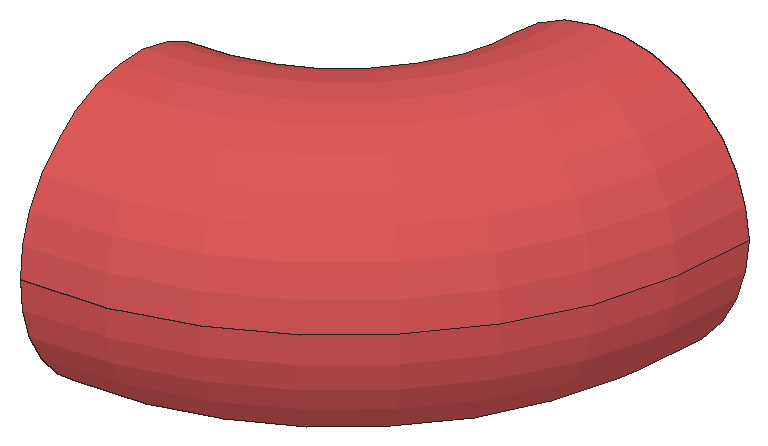
Revit family "Pam_Curvas", category Pipe Fittings, Revit 2025
Family settings
  Round Connector Dimension = Use Diameter
  Part Type = Elbow
  Work Plane-Based = No
  Always vertical = Yes
  Cut with Voids When Loaded = No
  Shared = Yes
Parameters
  Nominal Radius [instance] = Nominal Diameter / 2  # 100.0 mm
  Nominal Diameter [instance] = 200.0 mm
  Material_Conexao [instance] = FoFo_PAM
  Manufacturer = "SGC"
  Loss Method = Not Defined
  Tabela [instance] = "Pam_Curvas"
  Description = "Curvas sistema PAM"
  Default Elevation = 0.0 mm
  Corpo_R [instance] = if(Corpo_A = 90.00°, Corpo_L, Corpo_L / tan(A2))  # 220.0 mm
  Corpo_L [instance] = size_lookup(Tabela, "Corpo_L", 120.0 mm, Nominal Diameter, Angle)  # 220.0 mm
  EK7 [instance] = size_lookup(Tabela, "EK7", 5.2 mm, Nominal Diameter)  # 5.4 mm
  Corpo_DE1 [instance] = Bolsa_DE1 + EK7  # 116.4 mm
  Corpo_A [instance] = size_lookup(Tabela, "Corpo_A", 90.00°, Nominal Diameter, Angle)  # 90.00°
  Bolsa_P1 [instance] = size_lookup(Tabela, "Bolsa_P", 94.5 mm, Nominal Diameter)  # 106.5 mm
  Bolsa_DI1 [instance] = size_lookup(Tabela, "Bolsa_DI", 121.0 mm, Nominal Diameter) / 2  # 112.5 mm
  Bolsa_DE1 [instance] = size_lookup(Tabela, "Bolsa_DE", 118.0 mm, Nominal Diameter) / 2  # 111.0 mm
  Bolsa_B1 [instance] = size_lookup(Tabela, "Bolsa_B", 168.0 mm, Nominal Diameter) / 2  # 148.0 mm
  Angle [instance] = 90.00°
  A2 [instance] = Angle / 2  # 45.00°
Reference planes
  plane 1 "Center (Front/Back)": y = 0
  plane 2: z = 0
  plane 3 "Center (Left/Right)": x = -120
  plane 4: x = -340
  plane 5: y = 220
Forms (mm)
  Sweep 1, solid, material "FoFo_PAM" <- "Material_Conexao"
    path origin (0, 0, 0) x (1, 0, 0) y (0, 1, 0)
      loop
        arc (-340, 0) -> (-184.437, 64.437) -> (-120, 220) r 220
    profile origin (-184.437, 64.437, 0) x (-0.707107, 0.707107, 0) y (0, 0, 1)
      loop
        circle (0, 0) r 116.4
Lines and regions (mm)
  reference lines
    curve 1: line (-340, 0, 0) -> (-120, 0, 0)
    curve 2: line (-120, 0, 0) -> (-120, 220, 0)
Dimensions and locks
  "Corpo_L": plane 4 to plane 3 "Center (Left/Right)"
  "Corpo_R": plane 5 to plane 1 "Center (Front/Back)"
  "Corpo_L": curve 1 to curve 1
  "Corpo_L": curve 2 to curve 2
  "Corpo_R": radius of Sweep 1 sketch curve
  "Corpo_DE1": radius of Sweep 1 sketch curve
  "Angle": angle Sweep 1 sketch curve to Sweep 1 sketch curve
  "Angle": angle plane 1 "Center (Front/Back)" to curve 2
  aligned and locked: Sweep 1 sketch curve to plane 4
  aligned and locked: plane 3 "Center (Left/Right)" to curve 2
  aligned and locked: plane 1 "Center (Front/Back)" to curve 2
  aligned and locked: Sweep 1 to curve 2
Automatic sketch dimensions
  plane 1 "Center (Front/Back)" to Sweep 1 sketch curve = 0.0 mm
  Sweep 1 sketch curve to level = 0.0 mm
  Sweep 1 sketch curve to profile plane = 0.0 mm
Connectors
  piping at (-120, 220, 0), diameter 200, driven by "Nominal Diameter", driven by "Angle"
    settings: on Sweep 1, index 1, connector inside diameter 609.6 mm, connector length 0.0 mm, flow factor 0, pipe flow 0 GPM, pressure drop 0.00 psi, fitting loss kfactor 0, connector angle 90.00°, fixture units 0, engagement length 0.0 mm, angle of deflection 0.00°, flow configuration 0, flow direction 0, fitting loss method 0, system type 28, joint type 0, gender type 0, connector reference index -1, connector utility 0, adjustable connector no, is connector primary yes, connector description ""
  piping at (-340, 0, 0), diameter 200, driven by "Nominal Diameter", driven by "Angle"
    settings: on Sweep 1, index 2, connector inside diameter 609.6 mm, connector length 0.0 mm, flow factor 0, pipe flow 0 GPM, pressure drop 0.00 psi, fitting loss kfactor 0, connector angle 90.00°, fixture units 0, engagement length 0.0 mm, angle of deflection 0.00°, flow configuration 0, flow direction 0, fitting loss method 0, system type 28, joint type 0, gender type 0, connector reference index -1, connector utility 0, adjustable connector no, is connector primary no, connector description ""
